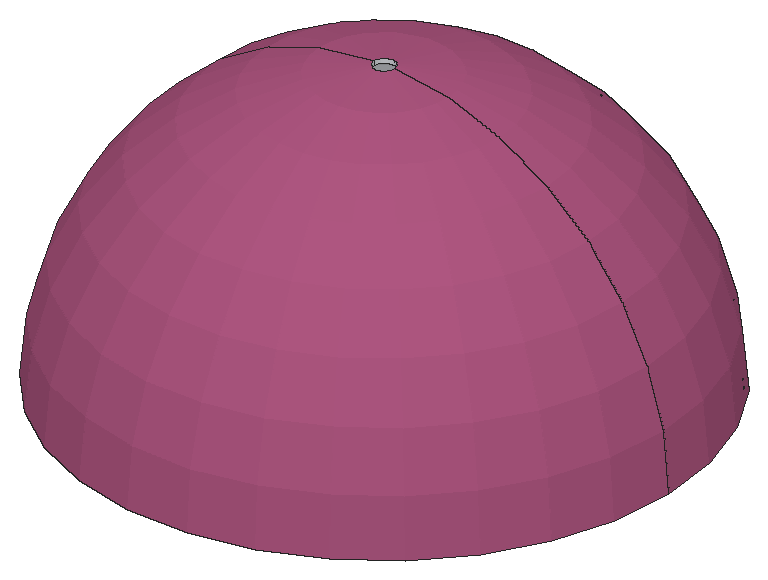
Revit family "HD14 SHADE", category Lighting Fixtures, Revit 2024
Family settings
  Round Connector Dimension = Use Diameter
  Part Type = Normal
  OmniClass Number = 23.80.70.00
  OmniClass Title = Lighting
  Work Plane-Based = No
  Always vertical = Yes
  Cut with Voids When Loaded = No
  Light Source = Yes
  Maintain Annotation Orientation = No
  Shared = No
  Room Calculation Point = No
Parameters
  Wattage = 12.1178 W
  built-in parameter 1150110 = 1 (stored number, unit not read)
  built-in parameter 1114217 = 1 (stored number, unit not read)
  built-in parameter 1150109 = 1 (stored number, unit not read)
  built-in parameter 1150134 = (empty or 0)
  built-in parameter 1150113 = 1 (stored number, unit not read)
  Lumens = 1800 lm
  built-in parameter 1150115 = 1 (stored number, unit not read)
  built-in parameter 1150105 = 572.96 (stored number, unit not read)
  Light Source Symbol Size = 2' - 0"
  built-in parameter 1150137 = (empty or 0)
  built-in parameter 1150139 = (empty or 0)
  built-in parameter 1150112 = 1 (stored number, unit not read)
  built-in parameter 1150114 = 1 (stored number, unit not read)
  built-in parameter 1150132 = 2
  built-in parameter 1150102 = (empty or 0)
  built-in parameter 1150138 = (empty or 0)
  built-in parameter 1150107 = 3000 (stored number, unit not read)
  built-in parameter 1150106 = 5.7296 (stored number, unit not read)
  built-in parameter 1150104 = 13.8 (stored number, unit not read)
  Dimming Lamp Color Temperature Shift = (empty or 0)
  Default Elevation = 0' - 0"
  Color Filter = 16777215
  built-in parameter 1114218 = 1 (stored number, unit not read)
  built-in parameter 1150133 = 10 (stored number, unit not read)
Reference planes (in)
  plane 1 "Light Source Axis (F/B)": y = 0
  plane 2: z = 0
  plane 3 "Light Source Axis (L/R)": x = 0
  plane 4 "Light Source Elevation": z = 54
Forms (in)
  Revolve 1, solid
    sketch origin (0, 0, 0) x (1, 0, 0) y (0, 0, 1)
      loop
        arc (-0.25, 60.99553) -> (-5.03736, 58.86056) -> (-7, 54) r 7
        line (-7, 54) -> (-6.90625, 54)
        arc (-6.90625, 54) -> (-4.97106, 58.79425) -> (-0.25, 60.90172) r 6.90625
        line (-0.25, 60.90172) -> (-0.25, 60.99553)
      axis (0, 60.99553) -> (0, 54)
    angle from 0 to 360
Dimensions and locks (in)
  aligned and locked: plane 3 "Light Source Axis (L/R)" to imposter light
  aligned and locked: plane 1 "Light Source Axis (F/B)" to imposter light
  aligned and locked: plane 4 "Light Source Elevation" to imposter light
  aligned and locked: level to plane 2
